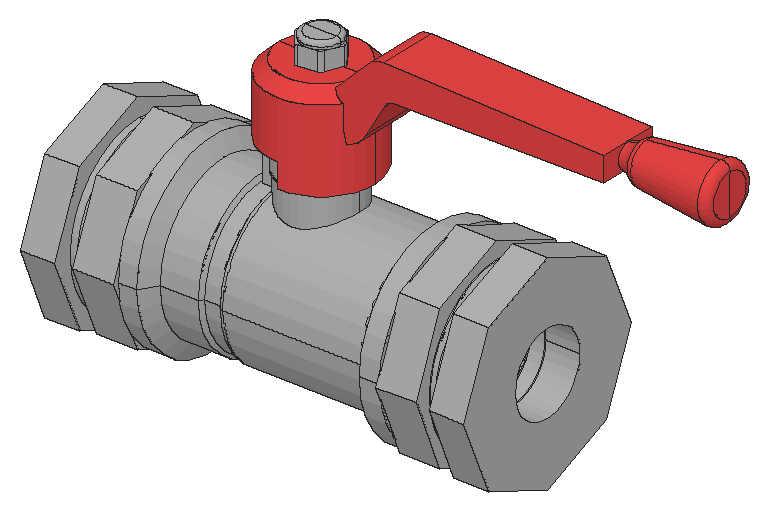
Revit family "QD39000000", category Apparecchi idraulici, Revit 2016
Family settings
  Tipo di parte = Normale
  Quota connettore circolare = Usa diametro
  Numero OmniClass = 23.45.00.00
  Titolo OmniClass = Sanitary, Laundry, and Cleaning Equipment
  Basato su piano di lavoro = No
  Sempre verticale = Sì
  Taglio con vuoti quando caricato = No
  Condiviso = No
  Punto di calcolo locali = No
Parameters
  URL = "https://web.cimberio.it/index.php/figura/271?subcategoria_id=43550"
  Produttore = "CIMBERIO SPA"
  Modello = "Cim 280"
  DN Model [instance] = QD39005032 : QD39005032
  DN [instance] = 20 mm
Reference planes
  plane 1 "Centro (Fronte/Retro)": y = 0
  plane 2: z = 0
  plane 3 "Centro (Sinistra/Destra)": x = 0
Dimensions and locks
  aligned and locked: level to plane 2
Nested families
  nested 1: "QD39005032" at (0, 0, 0), type <- "DN Model", type "QD39005032"
    with DN 10 mm
  nested 2: "QD39005032" at (0, 0, 0), type <- "DN Model", type "QD39005032"
    with DN 10 mm
  nested 3: "QD39005032" at (0, 0, 0), type <- "DN Model", type "QD39005032"
    with DN 10 mm
Connectors
  piping at (55.371, 0, 0), diameter 20, driven by "DN"
    settings: on nested 1, index 1, connector inside diameter 609.6 mm, connector length 0 mm, flow factor 0, pipe flow 0.0 L/s, pressure drop 0.0 Pa, fitting loss kfactor 0, connector angle 0.00°, fixture units 0, engagement length 0 mm, angle of deflection 0.00°, flow configuration 0, flow direction 0, fitting loss method 0, system type 7, joint type 0, gender type 0, connector reference index -1, connector utility 0, adjustable connector no, is connector primary yes, connector description ""
  piping at (-53.289, 0, 0), diameter 20, driven by "DN"
    settings: on nested 1, index 2, connector inside diameter 609.6 mm, connector length 0 mm, flow factor 0, pipe flow 0.0 L/s, pressure drop 0.0 Pa, fitting loss kfactor 0, connector angle 0.00°, fixture units 0, engagement length 0 mm, angle of deflection 0.00°, flow configuration 0, flow direction 0, fitting loss method 0, system type 7, joint type 0, gender type 0, connector reference index -1, connector utility 0, adjustable connector no, is connector primary no, connector description ""
Definition of nested family "QD39005032"
  Parameters (values of type "QD39005032")
    DN [instance] = 10 mm  # constant formula
  Reference planes
    plane 1 "Centro (Fronte/Retro)": y = 0
    plane 2: z = 0
    plane 3 "Centro (Sinistra/Destra)": x = 0
  Forms (mm)
    Revolve 1, solid
      sketch origin (0, 0, 0) x (1, 0, 0) y (0, 1, 0)
        loop
          line (33.182, 10) -> (33.182, 23.549) -> (28.203, 23.549) -> (26.182, 20.049)
          arc (26.182, 20.049) -> (25.817, 19.684) -> (25.317, 19.549) r 1
          line (25.317, 19.549) -> (-8.386, 19.549)
          arc (-8.386, 19.549) -> (-8.789, 19.499) -> (-9.152, 19.315) r 1.185
          line (-9.152, 19.315) -> (-9.918, 18.549) -> (-13.799, 18.549) -> (-14.361, 19.549) -> (-23.918, 19.549) -> (-26.227, 23.549) -> (-30.918, 23.549) -> (-30.918, 10) -> (33.182, 10)
        axis (-30.918, 0) -> (33.182, 0)
      angle from 0 to 360
    Revolve 2, solid
      sketch origin (0, 0, 4) x (1, 0, 0) y (0, 0, 1)
        loop
          line (0.063, 27.3) -> (0.063, 11.623) -> (9.5, 11.623) -> (9.5, 21)
          arc (9.5, 21) -> (9.863, 21.294) -> (10, 21.742) r 0.8
          line (10, 21.742) -> (10, 27.3) -> (0.063, 27.3)
        axis (0.063, 11.623) -> (0.063, 27.3)
      angle from 0 to 360
    Extrusion 3, solid
      sketch origin (0, 0, 4) x (1, 0, 0) y (0, 0, 1)
        loop
          line (-15, 26.3) -> (-15, 22) -> (-13, 20.845) -> (-13, 10.345) -> (-7.86, 10.345) -> (-7.86, 26.3) -> (-15, 26.3)
      from -1.5 to 1.5
    Revolve 4, solid
      sketch origin (0, 0, 4) x (1, 0, 0) y (0, 0, 1)
        loop
          line (0, 30.531) -> (-6.985, 30.531) -> (-6.985, 27.3) -> (0, 27.3) -> (0, 30.531)
        axis (0, 30.531) -> (0, 27.3)
      angle from 0 to 360
    Revolve 5, solid
      sketch origin (0, 0, 4) x (1, 0, 0) y (0, 0, 1)
        loop
          line (0, 45.8) -> (-10.25, 45.8) -> (-13.25, 42.8) -> (-13.25, 22.8) -> (-7.25, 22.8) -> (-7.25, 38.318) -> (0, 38.318) -> (0, 45.8)
        axis (0, 45.8) -> (0, 22.8)
      angle from 0 to 360
    Revolve 6, solid
      sketch origin (0, 0, 4) x (1, 0, 0) y (0, 0, 1)
        loop
          line (0, 51.8) -> (0, 50.016) -> (4.75, 50.016) -> (4.75, 50.8)
          arc (4.75, 50.8) -> (4.457, 51.507) -> (3.75, 51.8) r 1
          line (3.75, 51.8) -> (0, 51.8)
        axis (0, 51.8) -> (0, 50.016)
      angle from 0 to 360
    Extrusion 7, solid
      sketch origin (0, 0, 32.55) x (0.979214, 0.20283, 0) y (-0.20283, 0.979214, 0)
        loop
          line (5.501, 0.127) -> (3.472, 4.287)
          arc (3.472, 4.287) -> (3.145, 4.663) -> (2.674, 4.825) r 0.962
          line (2.674, 4.825) -> (-1.937, 5.147)
          arc (-1.937, 5.147) -> (-2.461, 5.045) -> (-2.864, 4.695) r 1.032
          line (-2.864, 4.695) -> (-5.424, 0.899)
          arc (-5.424, 0.899) -> (-5.599, 0.392) -> (-5.496, -0.136) r 1.038
          line (-5.496, -0.136) -> (-3.479, -4.272)
          arc (-3.479, -4.272) -> (-3.142, -4.659) -> (-2.657, -4.826) r 0.991
          line (-2.657, -4.826) -> (1.958, -5.149)
          arc (1.958, -5.149) -> (2.463, -5.05) -> (2.852, -4.713) r 0.994
          line (2.852, -4.713) -> (5.429, -0.891)
          arc (5.429, -0.891) -> (5.601, -0.392) -> (5.501, 0.127) r 1.021
      from 17.25 to 21.75
    Extrusion 8, void
      sketch origin (0, 0, 32.55) x (1, 0, 0) y (0, 1, 0)
        loop
          line (-8.5, 0) -> (-14.381, 0)
          arc (-14.381, 0) -> (-10.169, -10.169) -> (0, -14.381) r 14.381
          line (0, -14.381) -> (0, -8.5)
          arc (0, -8.5) -> (-6.01, -6.01) -> (-8.5, 0) r 8.5
      from -6.445 to 0.25
    Extrusion 9, solid
      sketch origin (0, 0, 0) x (1, 0, 0) y (0, 0, 1)
        loop
          line (9.489, 49.789) -> (12.171, 38.235)
          arc (12.171, 38.235) -> (14.899, 39.625) -> (16.907, 41.935) r 8.021
          line (16.907, 41.935) -> (21.6, 50.064)
          arc (21.6, 50.064) -> (22.506, 50.971) -> (23.741, 51.314) r 2.514
          line (23.741, 51.314) -> (75.001, 51.81) -> (75.001, 57.8) -> (21.145, 59.243)
          arc (21.145, 59.243) -> (19.162, 58.888) -> (17.48, 57.78) r 5
          line (17.48, 57.78) -> (9.489, 49.789)
      from -7.293 to 7.293
    Revolve 10, solid
      sketch origin (0, 0, 0) x (1, 0, 0) y (0, 0, 1)
        loop
          line (100, 54.8) -> (100, 59.811)
          arc (100, 59.811) -> (99.338, 61.298) -> (97.791, 61.8) r 2
          line (97.791, 61.8) -> (79.776, 59.883)
          arc (79.776, 59.883) -> (79.119, 59.694) -> (78.564, 59.294) r 1.983
          arc (78.564, 59.294) -> (76.935, 58.184) -> (75.001, 57.8) r 4.936
          line (75.001, 57.8) -> (75.001, 54.8) -> (100, 54.8)
        axis (100, 54.8) -> (75.001, 54.8)
      angle from 0 to 360
    Extrusion 11, solid
      sketch origin (-11, 0, 0) x (0, 0, 1) y (0, 1, 0)
        loop
          circle (0, 0) r 10
        loop
          line (24.7, 0) -> (17.466, 17.466) -> (0, 24.7) -> (-17.466, 17.466) -> (-24.7, 0) -> (-17.466, -17.466) -> (0, -24.7) -> (17.466, -17.466) -> (24.7, 0)
      from 19.918 to 30.018
    Extrusion 12, solid
      sketch origin (-11, 0, 0) x (0, 0, 1) y (0, 1, 0)
        loop
          circle (0, 0) r 10
        loop
          line (25.45, 0) -> (17.996, 17.996) -> (0, 25.45) -> (-17.996, 17.996) -> (-25.45, 0) -> (-17.996, -17.996) -> (0, -25.45) -> (17.996, -17.996) -> (25.45, 0)
      from 33.789 to 42.289
    Revolve 13, solid
      sketch origin (0, 0, 0) x (1, 0, 0) y (0, 0, 1)
        loop
          line (-44.789, 21) -> (-44.789, 10) -> (-40.358, 10) -> (-40.358, 21) -> (-41.563, 21) -> (-42.194, 20.063) -> (-42.802, 21) -> (-44.789, 21)
        axis (-44.789, 0) -> (-40.358, 0)
      angle from 0 to 360
    Extrusion 14, solid
      sketch origin (11, 0, 0) x (0, 0, 1) y (0, -1, 0)
        loop
          circle (0, 0) r 10
        loop
          line (24.7, 0) -> (17.466, 17.466) -> (0, 24.7) -> (-17.466, 17.466) -> (-24.7, 0) -> (-17.466, -17.466) -> (0, -24.7) -> (17.466, -17.466) -> (24.7, 0)
      from 22.182 to 32.1
    Extrusion 15, solid
      sketch origin (11, 0, 0) x (0, 0, 1) y (0, -1, 0)
        loop
          circle (0, 0) r 10
        loop
          line (25.45, 0) -> (17.996, 17.996) -> (0, 25.45) -> (-17.996, 17.996) -> (-25.45, 0) -> (-17.996, -17.996) -> (0, -25.45) -> (17.996, -17.996) -> (25.45, 0)
      from 35.871 to 44.371
    Revolve 16, solid
      sketch origin (2.082, 0, 0) x (-1, 0, 0) y (0, 0, -1)
        loop
          line (-44.789, -21) -> (-42.802, -21) -> (-42.194, -20.063) -> (-41.563, -21) -> (-40.358, -21) -> (-40.358, -10) -> (-44.789, -10) -> (-44.789, -21)
        axis (-44.789, 0) -> (-40.358, 0)
      angle from 0 to 360
  Cuts and joins
    Extrusion 8 cuts Revolve 5
  Dimensions and locks
    aligned and locked: level to plane 2
